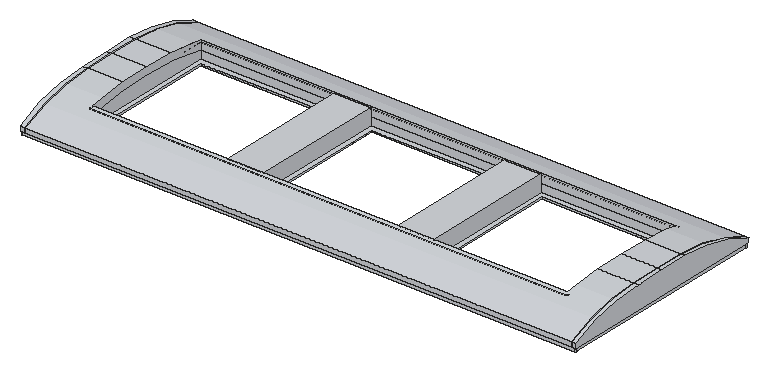
Revit family "Gira_0213773", category Electrical Fixtures, host Face, Revit 2017
Family settings
  Host = Face
  Maintain Annotation Orientation = No
  Round Connector Dimension = Use Diameter
  Part Type = Normal
  Cut with Voids When Loaded = No
  Shared = No
  Room Calculation Point = No
Parameters (values of type "Abdeckrahmen 3f Zwischenr. RW Gira Event Klar Sand")
  Werkstoffgüte = "Thermoplast"
  Werkstoff = "Kunststoff"
  URL = "http://katalog.gira.de/de_DE/datenblatt.html?artikelnr=0213773"
  Transparent = "No"
  Textfeld/Beschriftungsfläche = "No"
  Schutzart (IP) = "IP20"
  Region = "DE"
  Oberfläche = "sonstige"
  Name = "Abdeckrahmen 3f Zwischenr. RW Gira Event Klar Sand"
  Montagerichtung = "horizontal und vertikal"
  Mit Montagerahmen = "No"
  Mit Klappdeckel = "No"
  Manufacturer URL = "https://www.gira.de/"
  Keynote = "Event_Rahmen_3fach"
  HeinzeBIM = "https://bimportal.heinze.de/bim/abdeckrahmen-3f-zwischenr-rw-gira-event-klar-sand/c125be8392a4135ecfbb1dbdb3632fc911e845c1"
  Halogenfrei = "Yes"
  HAN = "0213773"
  Geeignet für Unterputz-Installation = "Yes"
  Geeignet für Unterflurkanaldose = "No"
  Geeignet für Geräteeinbaukanal = "No"
  Geeignet für Einbauinstallation = "No"
  GTIN = "4010337069560"
  Farbe = "sonstige"
  Default Elevation = 1219.2 mm
  Data sheet (1) = "https://katalog.gira.de/de_DE/download.html?artikelnr=0213773"
  Category = "Abdeckrahmen"
  Befestigungsart = "Klemmbefestigung"
  Available = "Yes"
  Ausführung der Oberfläche = "glänzend"
  Anzahl der Einheiten vertikal = "3 "
  Anzahl der Einheiten horizontal = "3 "
  Anzahl der Einheiten = "3 "
Reference planes
  plane 1 "Center (Front/Back)": y = 0
  plane 2: z = 0
  plane 3 "Center (Left/Right)": x = 0
Forms (mm)
  Extrusion 1, solid, detail levels fine
    sketch origin (0, 0, 0.05) x (0, 1, 0) y (0, 0, 1)
      loop
        arc (12.445, 9.683) -> (6.223, 9.833) -> (0, 9.85) r 291.636
        arc (0, 9.85) -> (-6.223, 9.833) -> (-12.445, 9.683) r 291.636
        arc (-12.445, 9.683) -> (-29.14, 7.482) -> (-45, 1.823) r 79.728
        line (-45, 1.823) -> (-45, -0.05) -> (-42.086, -0.05)
        arc (-42.086, -0.05) -> (-21.385, 5.559) -> (0, 7.206) r 114.424
        arc (0, 7.206) -> (21.385, 5.559) -> (42.086, -0.05) r 114.424
        line (42.086, -0.05) -> (45, -0.05) -> (45, 1.823)
        arc (45, 1.823) -> (29.14, 7.482) -> (12.445, 9.683) r 79.728
    from -114.3 to 114.3
  Extrusion 2, void, detail levels fine
    sketch origin (0, 0, 0) x (1, 0, 0) y (0, 1, 0)
      loop
        line (-99.355, -28.053) -> (99.355, -28.053) -> (99.355, 28.053) -> (-99.355, 28.053) -> (-99.355, -28.053)
    from 0.724 to 11
  Extrusion 3, solid, detail levels coarse
    sketch origin (0, 0, 0) x (1, 0, 0) y (0, 1, 0)
      loop
        line (-116.3, 45) -> (-116.3, -45) -> (116.3, -45) -> (116.3, 45) -> (-116.3, 45)
    from -1.5 to 9.9
  Extrusion 4, solid, detail levels medium
    sketch origin (0, 0, 0.05) x (0, 1, 0) y (0, 0, 1)
      loop
        arc (12.445, 9.683) -> (6.223, 9.833) -> (0, 9.85) r 291.636
        arc (0, 9.85) -> (-6.223, 9.833) -> (-12.445, 9.683) r 291.636
        arc (-12.445, 9.683) -> (-29.14, 7.482) -> (-45, 1.823) r 79.728
        line (-45, 1.823) -> (-45, -0.05) -> (45, -0.05) -> (45, 1.823)
        arc (45, 1.823) -> (29.14, 7.482) -> (12.445, 9.683) r 79.728
    from -116.3 to 116.3
  Extrusion 5, solid, detail levels fine
    sketch origin (-71.3, 0, -1.5) x (0, 1, 0) y (0, 0, -1)
      loop
        line (45, -3.373) -> (45, -1.5) -> (-45, -1.5) -> (-45, -3.373)
        arc (-45, -3.373) -> (-29.14, -9.032) -> (-12.445, -11.233) r 79.728
        arc (-12.445, -11.233) -> (-6.223, -11.383) -> (0, -11.4) r 291.636
        arc (0, -11.4) -> (6.223, -11.383) -> (12.445, -11.233) r 291.636
        arc (12.445, -11.233) -> (29.14, -9.032) -> (45, -3.373) r 79.728
    from 43 to 45
  Extrusion 6, solid, detail levels fine
    sketch origin (0, 0, 0) x (1, 0, 0) y (0, 1, 0)
      loop
        line (-97.195, 25.7) -> (-97.195, -25.7) -> (-45.395, -25.7) -> (-45.395, 25.7) -> (-97.195, 25.7)
      loop
        line (25.9, -25.7) -> (25.9, 25.7) -> (-25.9, 25.7) -> (-25.9, -25.7) -> (25.9, -25.7)
      loop
        line (-100.19, 28.49) -> (-100.19, -28.495)
        spline (-100.19, -28.495) -> (-100.181, -28.625) -> (-100.156, -28.754) -> (-100.113, -28.878) -> (-100.056, -28.995) -> (-99.983, -29.104) -> (-99.897, -29.202) -> (-99.798, -29.288) -> (-99.69, -29.361) -> (-99.572, -29.419) -> (-99.448, -29.461) -> (-99.32, -29.486) -> (-99.19, -29.495)
        line (-99.19, -29.495) -> (99.195, -29.495)
        spline (99.195, -29.495) -> (99.325, -29.486) -> (99.454, -29.461) -> (99.578, -29.419) -> (99.695, -29.361) -> (99.804, -29.288) -> (99.902, -29.202) -> (99.988, -29.104) -> (100.061, -28.995) -> (100.119, -28.878) -> (100.161, -28.754) -> (100.186, -28.625) -> (100.195, -28.495)
        line (100.195, -28.495) -> (100.195, 28.49)
        spline (100.195, 28.49) -> (100.186, 28.62) -> (100.161, 28.748) -> (100.119, 28.872) -> (100.061, 28.99) -> (99.988, 29.098) -> (99.902, 29.197) -> (99.804, 29.283) -> (99.695, 29.356) -> (99.578, 29.413) -> (99.454, 29.456) -> (99.325, 29.481) -> (99.195, 29.49)
        line (99.195, 29.49) -> (-99.19, 29.49)
        spline (-99.19, 29.49) -> (-99.32, 29.481) -> (-99.448, 29.456) -> (-99.572, 29.413) -> (-99.69, 29.356) -> (-99.798, 29.283) -> (-99.897, 29.197) -> (-99.983, 29.098) -> (-100.056, 28.99) -> (-100.113, 28.872) -> (-100.156, 28.748) -> (-100.181, 28.62) -> (-100.19, 28.49)
      loop
        line (97.2, -25.7) -> (97.2, 25.7) -> (45.4, 25.7) -> (45.4, -25.7) -> (97.2, -25.7)
    from 0.1 to 7.3
  Extrusion 7, solid
    sketch origin (0, 0, 0) x (1, 0, 0) y (0, 1, 0)
      loop
        arc (-116, -44.2) -> (-115.854, -44.554) -> (-115.5, -44.7) r 0.5
        line (-115.5, -44.7) -> (115.5, -44.7)
        arc (115.5, -44.7) -> (115.854, -44.554) -> (116, -44.2) r 0.5
        line (116, -44.2) -> (116, 44.2)
        arc (116, 44.2) -> (115.854, 44.554) -> (115.5, 44.7) r 0.5
        line (115.5, 44.7) -> (-115.5, 44.7)
        arc (-115.5, 44.7) -> (-115.854, 44.554) -> (-116, 44.2) r 0.5
        line (-116, 44.2) -> (-116, -44.2)
      loop
        line (-114.3, 43) -> (-114.3, -43) -> (114.3, -43) -> (114.3, 43) -> (-114.3, 43)
    from -1.5 to 0.5
  Extrusion 8, solid, detail levels fine
    sketch origin (71.3, 0, -1.5) x (0, 1, 0) y (0, 0, 1)
      loop
        arc (45, 3.373) -> (29.14, 9.032) -> (12.445, 11.233) r 79.728
        arc (12.445, 11.233) -> (6.223, 11.383) -> (0, 11.4) r 291.636
        arc (0, 11.4) -> (-6.223, 11.383) -> (-12.445, 11.233) r 291.636
        arc (-12.445, 11.233) -> (-29.14, 9.032) -> (-45, 3.373) r 79.728
        line (-45, 3.373) -> (-45, 1.5) -> (45, 1.5) -> (45, 3.373)
    from 43 to 45
  Extrusion 9, solid, detail levels medium
    sketch origin (0, 0, 0) x (1, 0, 0) y (0, 1, 0)
      loop
        line (-116, -44.7) -> (116, -44.7) -> (116, 44.7) -> (-116, 44.7) -> (-116, -44.7)
    from -1.5 to 0.5
  Extrusion 10, solid, detail levels fine
    sketch origin (-34.207, 0, 0) x (1, 0, 0) y (0, 1, 0)
      loop
        line (-8.943, 28.063) -> (-8.943, -27.937) -> (6.057, -27.937) -> (6.057, 28.063) -> (-8.943, 28.063)
    from 0.724 to 7.566
  Extrusion 11, solid, detail levels fine
    sketch origin (34.207, 0, 0) x (-1, 0, 0) y (0, -1, 0)
      loop
        line (-8.943, -28.063) -> (6.057, -28.063) -> (6.057, 27.937) -> (-8.943, 27.937) -> (-8.943, -28.063)
    from 0.724 to 7.566
Cuts and joins
  Extrusion 2 cuts Extrusion 1
  Extrusion 2 cuts Extrusion 6
Dimensions and locks
  aligned and locked: plane 2 to host face
  aligned and locked: level to host face
